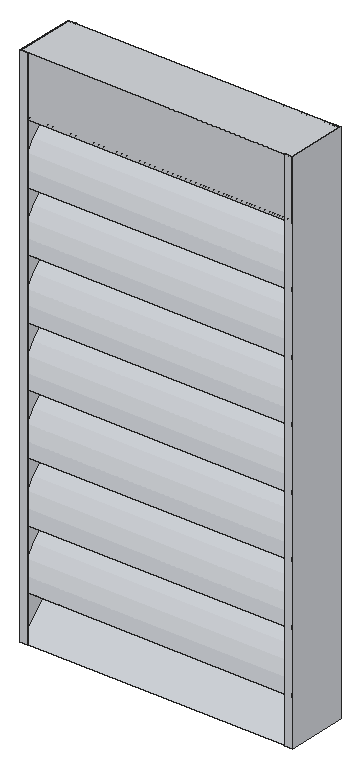
Revit family "AXF-8", category Mechanical Equipment, Revit 2015
Parameters
  URL = "http://unitedenertech.com/catalog/pdf/A_36%20AXF-8.pdf"
  Type Comments = "Max. Single Section Size is (48\"w x 120\"h)"
  Model = "AXF-8"
  Manufacturer = "United Enertech Corporation"
  Keynote = "Note: Sill Condition is not indicative of actual product. Sill height flexes to maintain constant spacing on built louvers. Consult Factory for correct specific size models."
  Exact Width = 3' - 0"
  Exact Height = 5' - 10"
  Description = "8\" Acoustical Louver"
  Blade Width [instance] = Exact Width - 0' 0 1/8"  # 2' - 11 7/8"
  Blade Spacing = 0' - 8"
  Blade Number [instance] = rounddown((Exact Height - 0' 8") / Blade Spacing)  # 7
Reference planes (in)
  plane 1 "Center (Front/Back)": y = 0
  plane 2: z = 0
  plane 3 "Center (Left/Right)": x = 0
  plane 4: x = -18
  plane 5: x = 18
  plane 6: z = 70
  plane 7: x = -17.9522
  plane 8: x = 17.9522
  plane 9: z = 61.98962
Forms (in)
  Extrusion 1, solid
    sketch origin (10.98475, 77.66761, 0) x (0, 1, 0) y (-1, 0, 0)
      loop
        line (-77.61981, 27.98475) -> (-77.61981, 28.93695) -> (-69.71541, 28.93695) -> (-69.71541, 27.98475) -> (-69.66761, 27.98475) -> (-69.66761, 28.98475) -> (-77.66761, 28.98475) -> (-77.66761, 27.98475) -> (-77.61981, 27.98475)
    from 0 to 70
  Extrusion 2, solid
    sketch origin (-10.98475, 77.66761, 0) x (0, 1, 0) y (-1, 0, 0)
      loop
        line (-77.61981, -27.98475) -> (-77.66761, -27.98475) -> (-77.66761, -28.98475) -> (-69.66761, -28.98475) -> (-69.66761, -27.98475) -> (-69.71541, -27.98475) -> (-69.71541, -28.93695) -> (-77.61981, -28.93695) -> (-77.61981, -27.98475)
    from 0 to 70
  Extrusion 3, solid
    sketch origin (-79.66761, 77.66761, -23.95794) x (0, 1, 0) y (0, 0, 1)
      loop
        line (-69.76321, 24.00574) -> (-77.50441, 24.00574) -> (-69.76321, 31.74694) -> (-69.76321, 30.86234) -> (-69.71541, 30.86234) -> (-69.71541, 31.86234) -> (-77.61981, 23.95794) -> (-69.71541, 23.95794) -> (-69.71541, 24.95794) -> (-69.76321, 24.95794) -> (-69.76321, 24.00574)
    from 61.71541 to 97.61981
  Extrusion 4, solid, material "Steel, S 355"
    sketch origin (-79.66761, 77.66761, -23.95794) x (0, 1, 0) y (0, 0, 1)
      loop
        line (-69.79911, 31.50947) -> (-69.79911, 24.10536) -> (-69.76321, 24.10536) -> (-69.76321, 31.50947) -> (-69.79911, 31.50947)
    from 61.71541 to 97.61981
Dimensions and locks (in)
  equal spacing: plane 4, plane 3 "Center (Left/Right)", plane 5
  "Exact Width": plane 4 to plane 5
  "Exact Height": plane 6 to level
  locked: plane 4 to plane 7 at 0.0478
  locked: plane 8 to plane 5 at 0.0478
  locked: plane 6 to plane 9 at 8.01038
  equal spacing: group 1, group 2, group 3, group 4, group 5, group 6, group 7  (x2)
  equal spacing: group 7, group 6, group 5, group 4, group 3, group 2, group 1
  "Blade Spacing": nested 2 to nested 3
  aligned and locked: level to plane 2
  aligned and locked: plane 6 to Extrusion 2
  aligned and locked: plane 6 to Extrusion 1
  aligned and locked: plane 8 to Extrusion 3
  aligned and locked: Extrusion 3 to plane 7
  aligned and locked: plane 8 to Extrusion 4
  aligned and locked: Extrusion 4 to plane 7
  aligned and locked: plane 3 "Center (Left/Right)" to nested 1
  aligned and locked: plane 6 to nested 1
  aligned and locked: plane 3 "Center (Left/Right)" to nested 2
  aligned and locked: plane 9 to nested 2
Automatic sketch dimensions
  plane 1 "Center (Front/Back)" to Extrusion 1 sketch curve = 0' - 0"
  Extrusion 1 sketch curve to plane 4 = 0' - 0"
  Extrusion 1 sketch curve to plane 1 "Center (Front/Back)" = 0' - 0.0478"
  Extrusion 1 sketch curve to plane 4 = 0' - 1"  (x2)
  Extrusion 1 sketch curve to Extrusion 1 sketch curve = 0' - 7.9044"
  Extrusion 1 sketch curve to Extrusion 1 sketch curve = 0' - 0.0478"
  Extrusion 1 sketch curve to plane 4 = 0' - 0.0478"
  plane 1 "Center (Front/Back)" to Extrusion 2 sketch curve = 0' - 0"
  Extrusion 2 sketch curve to plane 5 = 0' - 0"
  plane 1 "Center (Front/Back)" to Extrusion 2 sketch curve = 0' - 0.0478"
  plane 5 to Extrusion 2 sketch curve = 0' - 1"  (x2)
  Extrusion 2 sketch curve to Extrusion 2 sketch curve = 0' - 7.9044"
  Extrusion 2 sketch curve to Extrusion 2 sketch curve = 0' - 0.0478"
  plane 5 to Extrusion 2 sketch curve = 0' - 0.0478"
  level to Extrusion 3 sketch curve = 0' - 0"
  Extrusion 3 sketch curve to plane 1 "Center (Front/Back)" = 0' - 0.0478"
  level to Extrusion 3 sketch curve = 0' - 0.0478"
  Extrusion 3 sketch curve to Extrusion 3 sketch curve = 0' - 0.1154"  (x2)
  Extrusion 3 sketch curve to Extrusion 3 sketch curve = 0' - 7.7412"
  Extrusion 3 sketch curve to Extrusion 3 sketch curve = 0' - 0"
  Extrusion 3 sketch curve to Extrusion 3 sketch curve = 0' - 0.0478"  (x2)
  Extrusion 3 sketch curve to Extrusion 3 sketch curve = 0' - 0.9522"
  Extrusion 3 sketch curve to Extrusion 3 sketch curve = 0' - 5.9044"
  Extrusion 3 sketch curve to Extrusion 3 sketch curve = 0' - 0.8846"
  level to Extrusion 4 sketch curve = 0' - 0.14742"
  Extrusion 4 sketch curve to plane 1 "Center (Front/Back)" = 0' - 7.8685"
  Extrusion 4 sketch curve to Extrusion 4 sketch curve = 0' - 0.0359"
  Extrusion 4 sketch curve to Extrusion 4 sketch curve = 0' - 7.40411"
Nested families (in)
  nested 1: "AXF Head" at (0, -4.46786, 60.0478), type "AXF Head"
    with Width 2' - 11 7/8"
  nested 2: "AXF Blade" at (0, 12.06514, 52.04261), type "AXF Blade"
    with BW 2' - 11 7/8"
  nested 3: "AXF Blade" at (0, 12.06514, 44.04261), type "AXF Blade"
    with BW 2' - 11 7/8"
  nested 4: "AXF Blade" at (0, 12.06514, 36.04261), type "AXF Blade"
    with BW 2' - 11 7/8"
  nested 5: "AXF Blade" at (0, 12.06514, 28.04261), type "AXF Blade"
    with BW 2' - 11 7/8"
  nested 6: "AXF Blade" at (0, 12.06514, 20.04261), type "AXF Blade"
    with BW 2' - 11 7/8"
  nested 7: "AXF Blade" at (0, 12.06514, 12.04261), type "AXF Blade"
    with BW 2' - 11 7/8"
  nested 8: "AXF Blade" at (0, 12.06514, 4.04261), type "AXF Blade"
    with BW 2' - 11 7/8"
Definition of nested family "AXF Head"
  Parameters (values of type "AXF Head")
    Width = 3' - 0"
  Reference planes (in)
    plane 1 "Center (Front/Back)": y = 0
    plane 2: z = 0
    plane 3 "Center (Left/Right)": x = 0
    plane 4: x = -18
    plane 5: x = 18
  Forms (in)
    Extrusion 1, solid
      sketch origin (0.75865, 1.7092, -2.46786) x (0, 1, 0) y (0, 0, 1)
        loop
          line (2.80645, 4.51566) -> (3.51356, 5.22277) -> (3.47976, 5.25656) -> (2.85425, 4.63106) -> (2.85425, 12.37226) -> (10.59545, 12.37226) -> (9.96995, 11.74675) -> (10.00375, 11.71295) -> (10.71085, 12.42006) -> (2.80645, 12.42006) -> (2.80645, 4.51566)
      from -18.75865 to 17.24135
    Extrusion 2, solid
      sketch origin (0.75865, 1.7092, -2.46786) x (0, 1, 0) y (0, 0, 1)
        loop
          line (2.91831, 4.74588) -> (2.94369, 4.72049) -> (10.47383, 12.25063) -> (10.44845, 12.27602) -> (2.91831, 4.74588)
      from -18.75865 to 17.24135
  Dimensions and locks (in)
    equal spacing: plane 4, plane 3 "Center (Left/Right)", plane 5
    "Width": plane 4 to plane 5
    aligned and locked: level to plane 2
    aligned and locked: plane 5 to Extrusion 1
    aligned and locked: plane 5 to Extrusion 2
    aligned and locked: plane 4 to Extrusion 1
    aligned and locked: plane 4 to Extrusion 2
  Automatic sketch dimensions
    level to Extrusion 1 sketch curve = 0' - 2.0478"
    Extrusion 1 sketch curve to plane 1 "Center (Front/Back)" = 0' - 4.51566"
    level to Extrusion 1 sketch curve = 0' - 2.1632"
    Extrusion 1 sketch curve to Extrusion 1 sketch curve = 0' - 0.0478"
    Extrusion 1 sketch curve to Extrusion 1 sketch curve = 0' - 0.62551"  (x2)
    level to Extrusion 1 sketch curve = 0' - 2.75491"
    Extrusion 1 sketch curve to Extrusion 1 sketch curve = 0' - 7.11569"
    Extrusion 1 sketch curve to Extrusion 1 sketch curve = 0' - 0.0338"  (x2)
    Extrusion 1 sketch curve to Extrusion 1 sketch curve = 0' - 0.1154"
    Extrusion 1 sketch curve to Extrusion 1 sketch curve = 0' - 6.49019"
    Extrusion 2 sketch curve to plane 1 "Center (Front/Back)" = 0' - 4.62751"
    level to Extrusion 2 sketch curve = 0' - 2.25264"
    Extrusion 2 sketch curve to Extrusion 2 sketch curve = 0' - 0.02539"  (x2)
    Extrusion 2 sketch curve to Extrusion 2 sketch curve = 0' - 7.53014"
Definition of nested family "AXF Blade"
  Parameters (values of type "AXF Blade")
    BW = 3' - 0"
  Reference planes (in)
    plane 1 "Center (Front/Back)": y = 0
    plane 2: z = 0
    plane 3 "Center (Left/Right)": x = 0
    plane 4: x = -18
    plane 5: x = 18
  Forms (in)
    Extrusion 1, solid
      sketch origin (0.7581, -14.82379, 14.06569) x (0, 1, 0) y (0, 0, 1)
        loop
          line (3.79435, -11.85121) -> (3.78399, -11.80454)
          arc (3.78399, -11.80454) -> (3.32426, -11.89385) -> (2.86045, -11.9587) r 8.84465
          arc (2.86045, -11.9587) -> (5.35262, -6.7398) -> (10.53703, -4.17666) r 8.84465
          line (10.53703, -4.17666) -> (10.65522, -4.17666)
          arc (10.65522, -4.17666) -> (10.59122, -4.63081) -> (10.50376, -5.08104) r 8.84465
          line (10.50376, -5.08104) -> (10.54998, -5.09342)
          arc (10.54998, -5.09342) -> (10.6434, -4.60828) -> (10.70975, -4.11869) r 8.89245
          line (10.70975, -4.11869) -> (10.61768, -4.11869)
          arc (10.61768, -4.11869) -> (5.32828, -6.69642) -> (2.80645, -12.0127) r 8.89245
          arc (2.80645, -12.0127) -> (3.30267, -11.94587) -> (3.79435, -11.85121) r 8.89245
      from -18.7581 to 17.2419
    Extrusion 2, solid
      sketch origin (0.7581, -14.82379, 14.06569) x (0, 1, 0) y (0, 0, 1)
        loop
          arc (10.57649, -4.4955) -> (8.04944, -9.44562) -> (3.06162, -11.89742) r 8.80875
          line (3.06162, -11.89742) -> (3.06649, -11.93298)
          arc (3.06649, -11.93298) -> (8.07463, -9.47119) -> (10.61198, -4.5009) r 8.84465
          line (10.61198, -4.5009) -> (10.57649, -4.4955)
      from -18.7581 to 17.2419
  Dimensions and locks (in)
    equal spacing: plane 4, plane 3 "Center (Left/Right)", plane 5
    "BW": plane 4 to plane 5
    aligned and locked: level to plane 2
    aligned and locked: plane 4 to Extrusion 1
    aligned and locked: plane 4 to Extrusion 2
    aligned and locked: plane 5 to Extrusion 1
    aligned and locked: plane 5 to Extrusion 2
  Automatic sketch dimensions
    Extrusion 1 sketch curve to Extrusion 1 sketch curve = 0' - 0"  (x14)
    plane 1 "Center (Front/Back)" to Extrusion 1 sketch curve = 1' - 0.95574"
    level to Extrusion 1 sketch curve = 0' - 2.26115"
    Extrusion 1 sketch curve to Extrusion 1 sketch curve = 0' - 1.91594"
    level to Extrusion 1 sketch curve = 0' - 2.21448"
    Extrusion 1 sketch curve to Extrusion 1 sketch curve = 0' - 0.01035"
    plane 1 "Center (Front/Back)" to Extrusion 1 sketch curve = 0' - 4.32003"
    Extrusion 1 sketch curve to Extrusion 1 sketch curve = 0' - 0.03327"
    Extrusion 1 sketch curve to Extrusion 1 sketch curve = 0' - 0.04622"
    Extrusion 1 sketch curve to Extrusion 1 sketch curve = 0' - 0.08065"
    Extrusion 1 sketch curve to Extrusion 1 sketch curve = 0' - 0.03754"
    Extrusion 1 sketch curve to Extrusion 1 sketch curve = 0' - 0.05452"
    level to Extrusion 1 sketch curve = 0' - 1.11459"
    plane 1 "Center (Front/Back)" to Extrusion 1 sketch curve = 0' - 3.17454"
    Extrusion 1 sketch curve to Extrusion 1 sketch curve = 0' - 7.85767"
    Extrusion 1 sketch curve to Extrusion 1 sketch curve = 0' - 0.01238"
    Extrusion 1 sketch curve to Extrusion 1 sketch curve = 0' - 0.90438"
    Extrusion 2 sketch curve to Extrusion 2 sketch curve = 0' - 0"  (x2)
    plane 1 "Center (Front/Back)" to Extrusion 2 sketch curve = 1' - 0.95574"
    level to Extrusion 2 sketch curve = 0' - 2.16828"
    Extrusion 2 sketch curve to Extrusion 2 sketch curve = 0' - 1.19357"
    level to Extrusion 2 sketch curve = 0' - 2.13271"
    Extrusion 2 sketch curve to Extrusion 2 sketch curve = 0' - 0.00486"
    plane 1 "Center (Front/Back)" to Extrusion 2 sketch curve = 0' - 4.2473"
    Extrusion 2 sketch curve to Extrusion 2 sketch curve = 0' - 0.03549"
    level to Extrusion 2 sketch curve = 0' - 9.56479"
